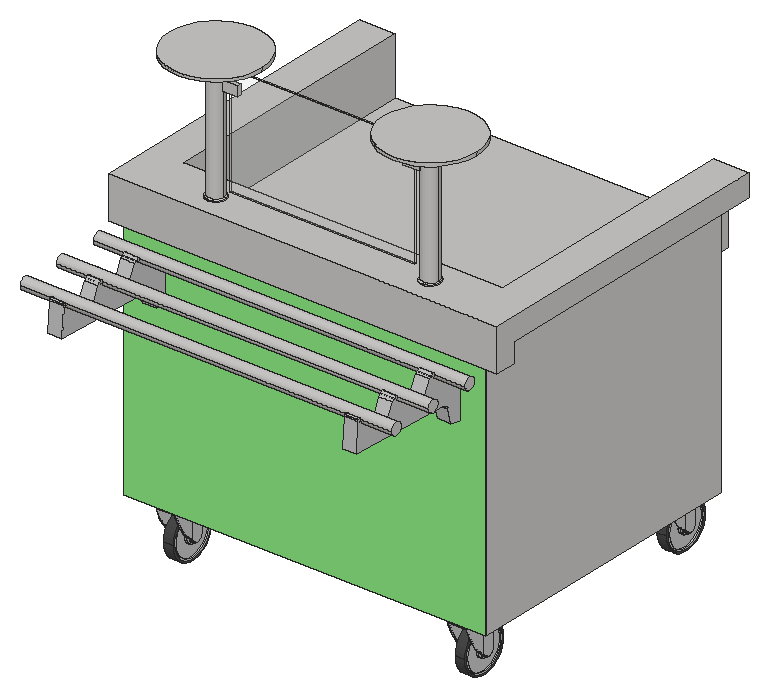
Revit family "QF_BOURGEAT_Self_GN2_Meuble_neutre_dessus_decaisse", category Equipement spécialisé, Revit 2015
Parameters (values of type "GN2_+_roues_+_etageres_+_pare_haleine")
  lg_pare_haleine = 560 mm
  URL catalogue = "http://www.bourgeat.fr/fr/"
  URL = ""
  Type article = ""
  Spécification du Fabricant = "Meuble_dessus_decaisse_OASIS"
  Roues = yes
  Profondeur hors tout = 820 mm
  Poids net à vide = 135.00 kg
  Pieds = no
  lgmeuble = Longueur hors tout - 68 mm  # 946 mm
  lgconsole = Longueur hors tout - 44 mm  # 970 mm
  lg_etagere = lgmeuble - 404 mm  # 542 mm
  Pare_haleine = yes
  Nature_isolant = "Laine de verre"
  Modèle = "854122+854950+854962+854972"
  Longueur hors tout = 1014 mm
  Hauteur hors tout = 1310 mm
  Fabricant = "BOURGEAT"
  Etageres = yes
  Contact_SAV = "0033 (0)4.76.32.14.44"
  Charge max = 150.00 kg
  Certification = "NF alimentaire"
Types (7, lengths in mm): name | Roues | Pieds | Pare_haleine | Modèle | Hauteur hors tout | Etageres
  GN2_+_pied | no | yes | no | "854122" | 900 | no
  GN2_+_roues | yes | no | no | "854122+854950" | 900 | no
  GN2_+_pare_haleine | no | yes | yes | "854122+854972" | 1310 | no
  GN2_+_etageres | no | yes | no | "854122+854962" | 900 | yes
  GN2_+_etageres_+_pare_haleine | no | yes | yes | "854122+854962+854972" | 1310 | yes
  GN2_+_roues_+_etageres | yes | no | no | "854122+854950+854962" | 900 | yes
  GN2_+_roues_+_etageres_+_pare_haleine | yes | no | yes | "854122+854950+854962+854972" | 1310 | yes
Reference planes
  plane 1 "Centre (avant/arrière)": y = 0
  plane 2: z = 0
  plane 3 "Centre (gauche/droite)": x = 0
  plane 4: z = 235
  plane 5: z = 465
  plane 6: z = 284
  plane 7: z = 640
  plane 8: y = 812
  plane 9: y = 58
  plane 10: y = 590
  plane 11: x = -877.5
Forms (mm)
  Extrusion 1, solid
    sketch origin (-964.434, 20.176, 0) x (1, 0, 0) y (0, 1, 0)
      loop
        circle (86.934, 569.824) r 10
    from 149.89 to 160
Dimensions and locks
  locked: plane 4 to plane 2 at 235
  locked: plane 6 to plane 2 at 284
  locked: plane 7 to plane 2 at 640
  equal spacing: nested 4, plane 9, nested 4, locked at 66 each
  locked: nested 5 to plane 10 at 175
  nested 5 to plane 11 = 65.5 mm
  aligned and locked: level to plane 2
  aligned and locked: plane 7 to nested 1
  aligned and locked: plane 4 to nested 3
  aligned and locked: nested 2 to plane 5
  aligned and locked: plane 1 "Centre (avant/arrière)" to nested 5
  aligned and locked: nested 4 to plane 8
  aligned and locked: nested 4 to nested 5
  aligned and locked: nested 4 to nested 2
  aligned and locked: nested 4 to nested 3
  aligned and locked: nested 4 to nested 1
  aligned and locked: nested 5 to plane 2
  aligned and locked: nested 6 to nested 4
  aligned and locked: nested 6 to plane 9
  aligned and locked: nested 4 to nested 6
  aligned and locked: nested 1 to nested 5
  aligned and locked: plane 11 to Extrusion 1 sketch curve
  aligned and locked: plane 10 to Extrusion 1 sketch curve
  aligned and locked: plane 7 to nested 7
Automatic sketch dimensions
  radius of Extrusion 1 sketch curve = 10 mm
Nested families
  nested 1: "barre_et_console" at (-471, 0, 465) x (-1, 0, 0) z (0, 0, 1), type "barre_et_console"
  nested 2: "etagere" at (-471, 100.176, 427) x (-1, 0, 0) z (0, 0, 1), visible <- "Etageres", type "etagere"
  nested 3: "etagere" at (-471, 100.176, 197) x (-1, 0, 0) z (0, 0, 1), visible <- "Etageres", type "etagere"
  nested 4: "cuve_2GN" at (-471, 402, 705) x (-1, 0, 0) z (0, 0, 1), type "cuve_2GN"
  nested 5: "corps_meuble_dessus_decaisse" at (1, 0, 160), type "corps_meuble_dessus_decaisse"
  nested 6: "pare_haleine" at (-471, 58, 900), visible <- "Pare_haleine", type "pare_haleine"
  nested 7: "Prise" at (-742, 637, 597) x (0, 1, 0) z (0, 0, 1), type "Prise"
Connectors
  electrical at (-877.5, 590, 149.89)
    settings: on Extrusion 1, index 1, voltage 0 V, apparent load 0 VA, apparent load phase1 0 VA, apparent load phase2 0 VA, apparent load phase3 0 VA, power factor 1, load classification "Autre", number of poles 1, system type 30, power factor state 1, is connector primary yes, connector utility no, sub classification motor no, connector description ""
Definition of nested family "barre_et_console"
  Parameters (values of type "barre_et_console")
    lg_ht = 1014 mm
    lg_barre_console = lg_ht - 44 mm  # 970 mm
  Reference planes
    plane 1 "Centre (avant/arrière)": y = 0
    plane 2: z = 0
    plane 3 "Centre (gauche/droite)": x = 0
    plane 4: x = -485
    plane 5: x = 485
    plane 6: x = -385
    plane 7: x = 385
    plane 8: z = 320.378
    plane 9: z = 175
  Dimensions and locks
    locked: plane 4 to plane 6 at 100
    locked: plane 7 to plane 5 at 100
    equal spacing: plane 4, plane 3 "Centre (gauche/droite)", plane 5
    "lg_barre_console": plane 4 to plane 5
    aligned and locked: level to plane 2
    aligned and locked: nested 1 to plane 1 "Centre (avant/arrière)"
    aligned and locked: plane 6 to nested 1
    aligned and locked: plane 7 to nested 2
    aligned and locked: plane 5 to nested 3
    aligned and locked: nested 3 to plane 4
    aligned and locked: plane 8 to nested 3
    aligned and locked: plane 9 to nested 1
  Nested families
    nested 1: "console" at (-385, 0, 0) x (0, 1, 0) z (0, 0, 1), type "console"
    nested 2: "console" at (385, 0, 0) x (0, 1, 0) z (0, 0, 1), type "console"
    nested 3: "barre" at (485, 0, 19.415) x (0, 1, 0) z (0, 0, 1), type "barre"
  Definition of nested family "console"
    Reference planes
      plane 1 "Centre (avant/arrière)": y = 0
      plane 2: z = 0
      plane 3 "Centre (gauche/droite)": x = 0
      plane 4: y = 18
      plane 5: y = -18
      plane 6: y = 0
    Forms (mm)
      Extrusion 1, solid
        sketch origin (-12.245, 0, 175) x (1, 0, 0) y (0, 0, 1)
          loop
            line (12.245, 100) -> (12.245, 0) -> (39.579, 4.82) -> (50.894, 44.279)
            arc (50.894, 44.279) -> (55.986, 52.254) -> (64.592, 56.187) r 16.714
            line (64.592, 56.187) -> (348.499, 69.146) -> (343.309, 143.358)
            arc (343.309, 143.358) -> (342.973, 144.595) -> (342.189, 145.609) r 3.292
            line (342.189, 145.609) -> (337.923, 148.439)
            arc (337.923, 148.439) -> (337.371, 148.545) -> (336.906, 148.229) r 0.731
            arc (336.906, 148.229) -> (320.176, 130.386) -> (309.012, 152.149) r 14.958
            arc (309.012, 152.149) -> (308.597, 152.587) -> (308.001, 152.491) r 0.646
            line (308.001, 152.491) -> (297.265, 144.401) -> (278.874, 108.385)
            arc (278.874, 108.385) -> (262.102, 99.164) -> (245.329, 108.385) r 19.864
            line (245.329, 108.385) -> (229.634, 139.188) -> (217.945, 148.321)
            arc (217.945, 148.321) -> (217.306, 148.53) -> (216.976, 147.944) r 0.53
            arc (216.976, 147.944) -> (200.124, 130.629) -> (188.973, 152.064) r 14.905
            arc (188.973, 152.064) -> (188.691, 152.524) -> (188.154, 152.476) r 0.511
            line (188.154, 152.476) -> (177.098, 144.144) -> (158.855, 108.341)
            arc (158.855, 108.341) -> (142.039, 98.901) -> (125.223, 108.341) r 19.698
            line (125.223, 108.341) -> (109.334, 139.526) -> (97.932, 148.434)
            arc (97.932, 148.434) -> (97.187, 148.438) -> (96.994, 147.718) r 0.61
            arc (96.994, 147.718) -> (79.923, 130.663) -> (69.024, 152.192) r 14.902
            arc (69.024, 152.192) -> (68.66, 152.548) -> (68.158, 152.464) r 0.563
            line (68.158, 152.464) -> (57.103, 144.336) -> (39.164, 108.745)
            arc (39.164, 108.745) -> (33.443, 102.448) -> (25.295, 100) r 15.908
            line (25.295, 100) -> (12.245, 100)
        from -18 to 18
    Dimensions and locks
      plane 4 to plane 5 = 36 mm
      equal spacing: plane 4, plane 6, plane 5, locked at 18 each
      aligned and locked: level to plane 2
      aligned and locked: plane 4 to Extrusion 1
      aligned and locked: Extrusion 1 to plane 5
      aligned and locked: plane 6 to plane 1 "Centre (avant/arrière)"
      aligned and locked: Extrusion 1 to plane 3 "Centre (gauche/droite)"
    Automatic sketch dimensions
      Extrusion 1 sketch curve to Extrusion 1 sketch curve = 12.714 mm
      Extrusion 1 sketch curve to Extrusion 1 sketch curve = 13.05 mm
      Extrusion 1 sketch curve to Extrusion 1 sketch curve = 14.206 mm
      Extrusion 1 sketch curve to Extrusion 1 sketch curve = 27.334 mm
      Extrusion 1 sketch curve to Extrusion 1 sketch curve = 11.315 mm
      Extrusion 1 sketch curve to Extrusion 1 sketch curve = 17.938 mm
      Extrusion 1 sketch curve to Extrusion 1 sketch curve = 13.698 mm
      Extrusion 1 sketch curve to Extrusion 1 sketch curve = 16.057 mm
      Extrusion 1 sketch curve to Extrusion 1 sketch curve = 11.055 mm
      Extrusion 1 sketch curve to Extrusion 1 sketch curve = 0.333 mm
      Extrusion 1 sketch curve to Extrusion 1 sketch curve = 13.785 mm
      Extrusion 1 sketch curve to Extrusion 1 sketch curve = 15.28 mm
      Extrusion 1 sketch curve to Extrusion 1 sketch curve = 0.376 mm
      Extrusion 1 sketch curve to Extrusion 1 sketch curve = 11.401 mm
      Extrusion 1 sketch curve to Extrusion 1 sketch curve = 15.89 mm
      Extrusion 1 sketch curve to Extrusion 1 sketch curve = 16.816 mm  (x2)
      Extrusion 1 sketch curve to Extrusion 1 sketch curve = 18.243 mm
      Extrusion 1 sketch curve to Extrusion 1 sketch curve = 11.057 mm
      Extrusion 1 sketch curve to Extrusion 1 sketch curve = 0.308 mm
      Extrusion 1 sketch curve to Extrusion 1 sketch curve = 13.831 mm
      Extrusion 1 sketch curve to Extrusion 1 sketch curve = 15.204 mm
      Extrusion 1 sketch curve to Extrusion 1 sketch curve = 0.447 mm
      Extrusion 1 sketch curve to Extrusion 1 sketch curve = 11.69 mm
      Extrusion 1 sketch curve to Extrusion 1 sketch curve = 15.695 mm
      Extrusion 1 sketch curve to Extrusion 1 sketch curve = 16.772 mm  (x2)
      Extrusion 1 sketch curve to Extrusion 1 sketch curve = 18.391 mm
      Extrusion 1 sketch curve to Extrusion 1 sketch curve = 10.737 mm
      Extrusion 1 sketch curve to Extrusion 1 sketch curve = 0.389 mm
      Extrusion 1 sketch curve to Extrusion 1 sketch curve = 13.868 mm
      Extrusion 1 sketch curve to Extrusion 1 sketch curve = 15.261 mm
      Extrusion 1 sketch curve to Extrusion 1 sketch curve = 0.404 mm
      Extrusion 1 sketch curve to Extrusion 1 sketch curve = 2.506 mm
      Extrusion 1 sketch curve to Extrusion 1 sketch curve = 2.164 mm
      Extrusion 1 sketch curve to Extrusion 1 sketch curve = 1.12 mm
      Extrusion 1 sketch curve to Extrusion 1 sketch curve = 5.189 mm
      Extrusion 1 sketch curve to Extrusion 1 sketch curve = 4.639 mm
      Extrusion 1 sketch curve to Extrusion 1 sketch curve = 55.721 mm
      Extrusion 1 sketch curve to Extrusion 1 sketch curve = 8.745 mm
      Extrusion 1 sketch curve to Extrusion 1 sketch curve = 10.259 mm
      Extrusion 1 sketch curve to Extrusion 1 sketch curve = 10.642 mm
      Extrusion 1 sketch curve to Extrusion 1 sketch curve = 9.133 mm
      Extrusion 1 sketch curve to Extrusion 1 sketch curve = 31.185 mm
      Extrusion 1 sketch curve to Extrusion 1 sketch curve = 35.803 mm
      Extrusion 1 sketch curve to Extrusion 1 sketch curve = 35.592 mm
      Extrusion 1 sketch curve to Extrusion 1 sketch curve = 3.24 mm
      Extrusion 1 sketch curve to Extrusion 1 sketch curve = 2.946 mm
      Extrusion 1 sketch curve to Extrusion 1 sketch curve = 1.042 mm
      Extrusion 1 sketch curve to Extrusion 1 sketch curve = 0.609 mm
      Extrusion 1 sketch curve to Extrusion 1 sketch curve = 8.427 mm
      Extrusion 1 sketch curve to Extrusion 1 sketch curve = 0.286 mm
      Extrusion 1 sketch curve to Extrusion 1 sketch curve = 0.481 mm
      Extrusion 1 sketch curve to Extrusion 1 sketch curve = 0.516 mm
      Extrusion 1 sketch curve to Extrusion 1 sketch curve = 7.674 mm
      Extrusion 1 sketch curve to Extrusion 1 sketch curve = 7.924 mm
      Extrusion 1 sketch curve to Extrusion 1 sketch curve = 0.453 mm
      Extrusion 1 sketch curve to Extrusion 1 sketch curve = 0.408 mm
      Extrusion 1 sketch curve to Extrusion 1 sketch curve = 0.533 mm
      Extrusion 1 sketch curve to Extrusion 1 sketch curve = 0.511 mm
      Extrusion 1 sketch curve to Extrusion 1 sketch curve = 0.622 mm
      Extrusion 1 sketch curve to Extrusion 1 sketch curve = 4.82 mm
      Extrusion 1 sketch curve to Extrusion 1 sketch curve = 34.82 mm
      Extrusion 1 sketch curve to Extrusion 1 sketch curve = 76.232 mm
      Extrusion 1 sketch curve to Extrusion 1 sketch curve = 37.038 mm
      Extrusion 1 sketch curve to Extrusion 1 sketch curve = 39.239 mm
      Extrusion 1 sketch curve to Extrusion 1 sketch curve = 30.803 mm
      Extrusion 1 sketch curve to Extrusion 1 sketch curve = 34.743 mm
      Extrusion 1 sketch curve to Extrusion 1 sketch curve = 0.23 mm
      Extrusion 1 sketch curve to Extrusion 1 sketch curve = 36.015 mm
      Extrusion 1 sketch curve to Extrusion 1 sketch curve = 2.071 mm
      Extrusion 1 sketch curve to Extrusion 1 sketch curve = 7.575 mm
      Extrusion 1 sketch curve to plane 3 "Centre (gauche/droite)" = 0 mm
      level to Extrusion 1 sketch curve = 175 mm
  Definition of nested family "barre"
    Parameters (values of type "barre")
      lg_barre = 970 mm
    Reference planes
      plane 1 "Centre (avant/arrière)": y = 0
      plane 2: z = 0
      plane 3 "Centre (gauche/droite)": x = 0
      plane 4: x = 70
      plane 5: x = 190
      plane 6: x = 309
      plane 7: z = 300.963
      plane 8: z = 94.658
      plane 9: y = 0
      plane 10: y = 970
    Forms (mm)
      Extrusion 1, solid
        sketch origin (0, 0, 0) x (1, 0, 0) y (0, 0, 1)
          loop
            circle (70, 300.963) r 15
          loop
            circle (190, 300.963) r 15
          loop
            circle (309, 300.963) r 15
        from 0 to -970
    Dimensions and locks
      plane 4 to plane 3 "Centre (gauche/droite)" = 70 mm
      plane 6 to plane 5 to plane 4 = 119 mm, 120 mm
      "lg_barre": plane 10 to plane 1 "Centre (avant/arrière)"
      aligned and locked: level to plane 2
      aligned and locked: Extrusion 1 to plane 9
      aligned and locked: plane 9 to plane 1 "Centre (avant/arrière)"
      aligned and locked: plane 10 to Extrusion 1
    Automatic sketch dimensions
      Extrusion 1 sketch curve to plane 4 = 0 mm
      Extrusion 1 sketch curve to plane 5 = 0 mm
      Extrusion 1 sketch curve to plane 6 = 0 mm
      Extrusion 1 sketch curve to plane 7 = 0 mm  (x3)
      radius of Extrusion 1 sketch curve = 15 mm  (x3)
Definition of nested family "etagere"
  Parameters (values of type "etagere")
    lg_etagere = 542 mm
  Reference planes
    plane 1 "Centre (avant/arrière)": y = 0
    plane 2: z = 0
    plane 3 "Centre (gauche/droite)": x = 0
    plane 4: y = -625
    plane 5: y = -623
    plane 6: y = -2
    plane 7: x = 0
  Forms (mm)
    Extrusion 1, solid
      sketch origin (0, 0, 0) x (0, 1, 0) y (0, 0, 1)
        loop
          line (0, 119.481) -> (-2, 119.481) -> (-2, 40) -> (-625, 40) -> (-625, 0) -> (-623, 0) -> (-623, 38) -> (0, 38) -> (0, 119.481)
      from -271 to 271
  Dimensions and locks
    locked: plane 6 to plane 1 "Centre (avant/arrière)" at 2
    locked: plane 4 to plane 5 at 2
    plane 4 to plane 1 "Centre (avant/arrière)" = 625 mm
    equal spacing: Extrusion 1, plane 7, Extrusion 1
    "lg_etagere": Extrusion 1 to Extrusion 1
    aligned and locked: level to plane 2
    aligned and locked: plane 2 to Extrusion 1 sketch curve
    aligned and locked: plane 1 "Centre (avant/arrière)" to Extrusion 1 sketch curve
    aligned and locked: plane 4 to Extrusion 1
    aligned and locked: plane 5 to Extrusion 1
    aligned and locked: Extrusion 1 to plane 6
    aligned and locked: plane 3 "Centre (gauche/droite)" to plane 7
  Automatic sketch dimensions
    Extrusion 1 sketch curve to plane 4 = 0 mm
    Extrusion 1 sketch curve to plane 5 = 0 mm
    Extrusion 1 sketch curve to plane 6 = 0 mm
    level to Extrusion 1 sketch curve = 38 mm
    Extrusion 1 sketch curve to Extrusion 1 sketch curve = 2 mm
    Extrusion 1 sketch curve to Extrusion 1 sketch curve = 79.481 mm
Definition of nested family "cuve_2GN"
  Parameters (values of type "cuve_2GN")
    longueur_cuve = 1014 mm
  Reference planes
    plane 1 "Centre (avant/arrière)": y = 0
    plane 2: z = 0
    plane 3 "Centre (gauche/droite)": x = 0
    plane 4: x = 507
    plane 5: x = -507
    plane 6: y = 410
    plane 7: y = -410
    plane 8: x = -417
    plane 9: x = 417
    plane 10: y = 278
    plane 11: z = 195
    plane 12: x = -453
    plane 13: x = 453
    plane 14: z = 135
    plane 15: y = 356
    plane 16: z = 85
  Forms (mm)
    Extrusion 1, solid
      sketch origin (0, 0, 0) x (1, 0, 0) y (0, 1, 0)
        loop
          line (-507, 410) -> (-507, -410) -> (-417, -410) -> (-417, 278) -> (417, 278) -> (417, -410) -> (507, -410) -> (507, 410) -> (-507, 410)
      from 0 to 195
    Extrusion 2, solid
      sketch origin (0, 0, 0) x (1, 0, 0) y (0, 0, 1)
        loop
          line (-417, 0) -> (417, 0) -> (417, 45.074) -> (-417, 45.074) -> (-417, 0)
      from -278 to 410
    Extrusion 3, void
      sketch origin (0, 0, 0) x (1, 0, 0) y (0, 0, 1)
        loop
          line (-947.131, 135) -> (-947.131, -78.924) -> (-453, -78.924) -> (-453, 135) -> (-947.131, 135)
        loop
          line (978.713, 135) -> (453, 135) -> (453, -387.537) -> (978.713, -387.537) -> (978.713, 135)
      from -356 to 637.488
    Extrusion 4, void
      sketch origin (0, 0, 0) x (0, 1, 0) y (0, 0, 1)
        loop
          line (356, 85) -> (356, 0) -> (410, 0) -> (410, 85) -> (356, 85)
      from -507 to 507
  Cuts and joins
    Extrusion 3, Extrusion 4 cuts Extrusion 1
  Dimensions and locks
    equal spacing: plane 5, plane 3 "Centre (gauche/droite)", plane 4
    "longueur_cuve": plane 5 to plane 4
    plane 6 to plane 7 = 820 mm
    equal spacing: plane 6, plane 1 "Centre (avant/arrière)", plane 7
    locked: plane 5 to plane 8 at 90
    locked: plane 9 to plane 4 at 90
    locked: plane 6 to plane 10 at 132
    locked: plane 5 to plane 12 at 54
    locked: plane 4 to plane 13 at 54
    aligned and locked: level to plane 2
    aligned and locked: Extrusion 1 sketch curve to plane 6
    aligned and locked: Extrusion 1 sketch curve to plane 5
    aligned and locked: Extrusion 1 sketch curve to plane 4
    aligned and locked: plane 7 to Extrusion 1 sketch curve  (x2)
    aligned and locked: plane 8 to Extrusion 1 sketch curve
    aligned and locked: Extrusion 1 sketch curve to plane 10
    aligned and locked: plane 9 to Extrusion 1 sketch curve
    aligned and locked: plane 11 to Extrusion 1
    aligned and locked: Extrusion 2 to Extrusion 1  (x2)
    aligned and locked: Extrusion 3 sketch curve to plane 14  (x2)
    aligned and locked: Extrusion 3 sketch curve to plane 12
    aligned and locked: Extrusion 3 sketch curve to plane 13
    aligned and locked: plane 15 to Extrusion 3
    aligned and locked: plane 16 to Extrusion 4 sketch curve
    aligned and locked: plane 15 to Extrusion 4 sketch curve
    aligned and locked: Extrusion 4 sketch curve to cut or joined group of Extrusion 1, Extrusion 3, Extrusion 4  (x2)
    aligned and locked: Extrusion 1 to Extrusion 4
    aligned and locked: Extrusion 4 to Extrusion 1
  Automatic sketch dimensions
    Extrusion 2 sketch curve to plane 8 = 0 mm
    plane 9 to Extrusion 2 sketch curve = 0 mm
    Extrusion 2 sketch curve to level = 0 mm
    level to Extrusion 2 sketch curve = 45.074 mm
    plane 5 to Extrusion 3 sketch curve = 440.131 mm
    plane 4 to Extrusion 3 sketch curve = 471.713 mm
    Extrusion 3 sketch curve to level = 387.537 mm
    Extrusion 3 sketch curve to level = 78.924 mm
Definition of nested family "corps_meuble_dessus_decaisse"
  Parameters (values of type "corps_meuble_dessus_decaisse")
    roues = yes
    pieds = no
    lg_meuble = lg_ht - 70 mm  # 944 mm
    lg_ht = 1014 mm
  Reference planes
    plane 1 "Centre (avant/arrière)": y = 0
    plane 2: z = 0
    plane 3 "Centre (gauche/droite)": x = 0
    plane 4: x = -480.227
    plane 5: z = 680
    plane 6: x = -472
    plane 7: x = -379.227
    plane 8: x = -944
    plane 9: x = -926
    plane 10: x = -202
    plane 11: x = -18
    plane 12: x = -742
    plane 13: x = -854
    plane 14: x = -90
    plane 15: z = 519
    plane 16: x = -851
    plane 17: x = -93
    plane 18: y = 53
    plane 19: y = 712
    plane 20: y = 402
    plane 21: z = 570
    plane 22: y = -1
  Forms (mm)
    Extrusion 1, solid
      sketch origin (-379.227, -50.814, 0) x (1, 0, 0) y (0, 1, 0)
        loop
          line (-564.773, 815.814) -> (-564.773, 50.814) -> (379.227, 50.814) -> (379.227, 815.814) -> (177.227, 815.814) -> (177.227, 130.814) -> (-362.773, 130.814) -> (-362.773, 815.814) -> (-564.773, 815.814)
      from 0 to 680
    Extrusion 2, void
      sketch origin (-379.227, 0, 0) x (1, 0, 0) y (0, 1, 0)
        loop
          line (-546.773, 870) -> (-546.773, 80) -> (361.227, 80) -> (361.227, 870) -> (-546.773, 870)
      from 570 to 680
    Extrusion 3, solid
      sketch origin (0, 0, 0) x (1, 0, 0) y (0, 0, 1)
        loop
          line (-944, 680) -> (-944, 0) -> (0, 0) -> (0, 680) -> (-944, 680)
      from 0 to 1
  Cuts and joins
    Extrusion 2 cuts Extrusion 1
  Dimensions and locks
    locked: plane 5 to plane 2 at 680
    plane 8 to plane 9 = 18 mm
    locked: plane 10 to plane 3 "Centre (gauche/droite)" at 202
    locked: plane 11 to plane 3 "Centre (gauche/droite)" at 18
    equal spacing: plane 8, plane 6, plane 3 "Centre (gauche/droite)"
    "lg_meuble": plane 8 to plane 3 "Centre (gauche/droite)"
    locked: plane 8 to plane 12 at 202
    locked: plane 8 to plane 13 at 90
    locked: plane 14 to plane 3 "Centre (gauche/droite)" at 90
    locked: plane 15 to plane 2 at 519
    locked: plane 8 to plane 16 at 93
    locked: plane 17 to plane 3 "Centre (gauche/droite)" at 93
    locked: cut or joined group of Extrusion 1, Extrusion 2 to plane 20 at 363
    plane 5 to plane 21 = 110 mm
    aligned and locked: level to plane 2
    aligned and locked: plane 5 to Extrusion 1
    aligned and locked: cut or joined group of Extrusion 1, Extrusion 2 to plane 8
    aligned and locked: Extrusion 2 to plane 9
    aligned and locked: Extrusion 1 to plane 10
    aligned and locked: plane 11 to cut or joined group of Extrusion 1, Extrusion 2
    aligned and locked: plane 12 to cut or joined group of Extrusion 1, Extrusion 2
    aligned and locked: plane 13 to nested 1
    aligned and locked: plane 19 to nested 1
    aligned and locked: nested 2 to plane 18
    aligned and locked: plane 13 to nested 2
    aligned and locked: nested 3 to plane 18
    aligned and locked: plane 17 to nested 3
    aligned and locked: plane 19 to nested 4
    aligned and locked: plane 17 to nested 4
    aligned and locked: plane 17 to nested 7
    aligned and locked: plane 19 to nested 7
    aligned and locked: nested 8 to plane 18
    aligned and locked: plane 17 to nested 8
    aligned and locked: nested 6 to plane 18
    aligned and locked: plane 13 to nested 6
    aligned and locked: plane 13 to nested 5
    aligned and locked: plane 19 to nested 5
    aligned and locked: nested 2 to plane 2
    aligned and locked: nested 1 to plane 2
    aligned and locked: nested 5 to plane 2
    aligned and locked: nested 8 to plane 2
    aligned and locked: nested 7 to plane 2
    aligned and locked: nested 3 to plane 2
    aligned and locked: nested 4 to plane 2
    aligned and locked: cut or joined group of Extrusion 1, Extrusion 2 to plane 21
    aligned and locked: Extrusion 2 to Extrusion 1
    aligned and locked: Extrusion 3 sketch curve to cut or joined group of Extrusion 1, Extrusion 2  (x4)
    aligned and locked: Extrusion 3 to plane 22
  Automatic sketch dimensions
    Extrusion 1 sketch curve to plane 8 = 0 mm
    Extrusion 1 sketch curve to plane 10 = 0 mm
    plane 1 "Centre (avant/arrière)" to Extrusion 1 sketch curve = 0 mm
    Extrusion 1 sketch curve to plane 3 "Centre (gauche/droite)" = 0 mm
    Extrusion 1 sketch curve to plane 1 "Centre (avant/arrière)" = 80 mm
    Extrusion 1 sketch curve to plane 6 = 270 mm
    Extrusion 1 sketch curve to Extrusion 1 sketch curve = 685 mm
    Extrusion 1 sketch curve to Extrusion 1 sketch curve = 765 mm
    Extrusion 2 sketch curve to plane 9 = 0 mm
    Extrusion 2 sketch curve to plane 11 = 0 mm
    Extrusion 2 sketch curve to plane 1 "Centre (avant/arrière)" = 80 mm
    Extrusion 2 sketch curve to Extrusion 2 sketch curve = 790 mm
  Nested families
    nested 1: "pied" at (-854, 712, -160), visible <- "pieds", type "pied"
    nested 2: "pied" at (-854, 53, -160), visible <- "pieds", type "pied"
    nested 3: "pied" at (-93, 53, -160), visible <- "pieds", type "pied"
    nested 4: "pied" at (-93, 712, -160), visible <- "pieds", type "pied"
    nested 5: "roue_ht160" at (-854, 712, -160.21), visible <- "roues", type "roue_ht160"
      with Sans frein yes, Avec frein yes
    nested 6: "roue_ht160" at (-854, 53, -160.21), visible <- "roues", type "roue_ht160"
      with Sans frein yes, Avec frein yes
    nested 7: "roue_ht160" at (-93, 712, -160.21), visible <- "roues", type "roue_ht160"
      with Sans frein yes, Avec frein yes
    nested 8: "roue_ht160" at (-93, 53, -160.21), visible <- "roues", type "roue_ht160"
      with Sans frein yes, Avec frein yes
  Definition of nested family "pied"
    Reference planes
      plane 1 "Centre (avant/arrière)": y = 0
      plane 2: z = 0
      plane 3 "Centre (gauche/droite)": x = 0
    Forms (mm)
      Revolve 1, solid
        sketch origin (0, 0, 0) x (1, 0, 0) y (0, 0, 1)
          loop
            line (0, 160) -> (-33, 160) -> (-33, 70) -> (-28, 70) -> (-28, 0) -> (0, 0) -> (0, 160)
          axis (0, 160) -> (0, 0)
        angle from 0 to 360
    Dimensions and locks
      plane 3 "Centre (gauche/droite)" to Revolve 1 sketch curve = 28 mm
      Revolve 1 sketch curve to plane 3 "Centre (gauche/droite)" = 33 mm
      Revolve 1 sketch curve to plane 2 = 70 mm
      Revolve 1 sketch curve to Revolve 1 sketch curve = 90 mm
      aligned and locked: level to plane 2
  Definition of nested family "roue_ht160"
    Parameters (values of type "roue_ht160")
      Sans frein [instance] = yes
      Avec frein [instance] = yes
    Reference planes
      plane 1 "Centre (avant/arrière)": y = 0
      plane 2: z = 0
      plane 3 "Centre (gauche/droite)": x = 0
      plane 4: y = 40.851
      plane 5: z = 62.5
    Forms (mm)
      Extrusion 1, solid
        sketch origin (0, 0, 0) x (0, 1, 0) y (0, 0, 1)
          loop
            circle (40.851, 62.5) r 62.5
          loop
            circle (40.851, 62.5) r 57.5
        from -12.5 to 12.5
      Revolve 2, solid
        sketch origin (0, 0, 0) x (0, 1, 0) y (0, 0, 1)
          loop
            line (0, 160.21) -> (-20.149, 160.21) -> (-20.149, 159.41) -> (-21.6, 159.41)
            arc (-21.6, 159.41) -> (-24.448, 158.65) -> (-26.537, 156.572) r 5.712
            line (-26.537, 156.572) -> (-30.146, 147.743) -> (-26.999, 147.062) -> (-26.999, 146.112)
            arc (-26.999, 146.112) -> (-27.23, 145.314) -> (-27.849, 144.761) r 1.5
            arc (-27.849, 144.761) -> (-29.223, 143.633) -> (-29.923, 142) r 3.75
            line (-29.923, 142) -> (0, 142) -> (0, 160.21)
          axis (0, 160.21) -> (0, 142)
        angle from 0 to 360
      Extrusion 3, solid
        sketch origin (0, 0, 0) x (0, 1, 0) y (0, 0, -1)
          loop
            line (-29.974, -138.241) -> (-29.974, -142) -> (21.747, -142) -> (21.747, -60.336)
            arc (21.747, -60.336) -> (10.272, -70.702) -> (-0.149, -82.127) r 160.057
            arc (-0.149, -82.127) -> (-17.883, -108.684) -> (-29.974, -138.241) r 159.585
        from -24.913 to -23.038
      Extrusion 4, solid
        sketch origin (0, 0, 0) x (0, 1, 0) y (0, 0, 1)
          loop
            line (-29.974, 142) -> (-29.974, 140.869) -> (21.747, 140.869) -> (21.747, 142) -> (-29.974, 142)
        from -23.038 to 23.038
      Extrusion 5, solid
        sketch origin (0, 0, 0) x (0, 1, 0) y (0, 0, 1)
          loop
            circle (40.851, 62.5) r 57.5
          loop
            circle (40.851, 62.5) r 55
        from -12.5 to 12.5
      Extrusion 6, solid
        sketch origin (0, 0, 0) x (0, 1, 0) y (0, 0, 1)
          loop
            circle (40.851, 62.5) r 55
        from -7 to 7
      Extrusion 7, solid
        sketch origin (0, 0, 0) x (0, 1, 0) y (0, 0, 1)
          loop
            circle (40.851, 62.5) r 21
        from 7 to 15
      Extrusion 8, solid
        sketch origin (0, 0, 0) x (0, 1, 0) y (0, 0, -1)
          loop
            circle (40.851, -62.5) r 16
        from -23.038 to -15
      Extrusion 9, solid, visible <- "Sans frein"
        sketch origin (0, 0, 0) x (0, 1, 0) y (0, 0, 1)
          loop
            arc (21.747, 60.336) -> (23.188, 59.17) -> (24.642, 58.02) r 161.23
            arc (24.642, 58.02) -> (29.34, 54.513) -> (34.187, 51.216) r 133.333
            arc (34.187, 51.216) -> (46.517, 50.3) -> (53.927, 60.198) r 12.867
            arc (53.927, 60.198) -> (54.714, 99.183) -> (46.119, 137.216) r 161.222
            arc (46.119, 137.216) -> (45.679, 138.887) -> (45.531, 140.609) r 10.076
            line (45.531, 140.609) -> (45.531, 142) -> (21.747, 142) -> (21.747, 60.336)
        from 23.038 to 24.913
      Extrusion 10, solid, visible <- "Sans frein"
        sketch origin (0, 0, 0) x (0, 1, 0) y (0, 0, 1)
          loop
            line (21.747, 142) -> (21.747, 140.701) -> (48.851, 140.701) -> (48.851, 142) -> (21.747, 142)
        from -23.038 to 23.038
      Extrusion 11, solid, visible <- "Avec frein"
        sketch origin (0, 0, 0) x (0, 1, 0) y (0, 0, 1)
          loop
            line (21.747, 142) -> (21.747, 60.336)
            arc (21.747, 60.336) -> (23.177, 59.179) -> (24.62, 58.038) r 160.008
            arc (24.62, 58.038) -> (29.041, 54.705) -> (33.574, 51.527) r 160
            arc (33.574, 51.527) -> (46.135, 50.422) -> (53.724, 60.491) r 13
            arc (53.724, 60.491) -> (55.279, 82.092) -> (53.902, 103.704) r 160
            arc (53.902, 103.704) -> (55.53, 108.653) -> (60.415, 110.463) r 6
            arc (60.415, 110.463) -> (80.625, 109.924) -> (100.725, 112.107) r 150
            arc (100.725, 112.107) -> (104.408, 113.406) -> (107.479, 115.819) r 12
            line (107.479, 115.819) -> (110.851, 121.523)
            arc (110.851, 121.523) -> (85.913, 134.651) -> (58.706, 142) r 127.902
            line (58.706, 142) -> (21.747, 142)
        from 23.038 to 24.913
      Extrusion 12, solid, visible <- "Avec frein"
        sketch origin (0, 0, 0) x (0, 1, 0) y (0, 0, 1)
          loop
            line (58.706, 142) -> (21.747, 142) -> (21.747, 140) -> (58.552, 140)
            arc (58.552, 140) -> (85.253, 132.762) -> (109.73, 119.866) r 125.902
            line (109.73, 119.866) -> (110.851, 121.523)
            arc (110.851, 121.523) -> (85.913, 134.651) -> (58.706, 142) r 127.902
        from -23.038 to 23.038
      Extrusion 13, solid, visible <- "Avec frein"
        sketch origin (0, 19.896, 18.175) x (0, 1, 0) y (0, 0, 1)
          loop
            line (87.583, 97.644) -> (91.829, 95.227)
            arc (91.829, 95.227) -> (93.8, 95.006) -> (95.312, 96.29) r 2.5
            arc (95.312, 96.29) -> (103.495, 100.002) -> (111.176, 104.666) r 74.999
            line (111.176, 104.666) -> (110.852, 105.929)
            arc (110.852, 105.929) -> (110.04, 107.086) -> (108.666, 107.417) r 2
            arc (108.666, 107.417) -> (101.396, 105.849) -> (94.512, 103.034) r 42.354
            line (94.512, 103.034) -> (93.479, 101.228) -> (93.285, 100.414) -> (91.69, 101.675) -> (90.401, 102.412) -> (87.583, 97.644)
        from -23.038 to 23.038
      Extrusion 14, solid, not visible
        sketch origin (0, 0, 0) x (0, 1, 0) y (0, 0, -1)
          loop
            line (-29.974, -138.241) -> (-29.974, -142) -> (21.747, -142) -> (21.747, -60.336)
            arc (21.747, -60.336) -> (10.272, -70.702) -> (-0.149, -82.127) r 160.057
            arc (-0.149, -82.127) -> (-17.883, -108.684) -> (-29.974, -138.241) r 159.585
        from -24.913 to -23.038
      Extrusion 15, solid, not visible
        sketch origin (0, 0, 0) x (0, 1, 0) y (0, 0, 1)
          loop
            circle (40.851, 62.5) r 21
        from 7 to 15
      Extrusion 16, solid, not visible
        sketch origin (0, 0, 0) x (0, 1, 0) y (0, 0, -1)
          loop
            circle (40.851, -62.5) r 16
        from -23.038 to -15
      Extrusion 17, solid, visible <- "Sans frein", not visible
        sketch origin (0, 0, 0) x (0, 1, 0) y (0, 0, 1)
          loop
            arc (21.747, 60.336) -> (23.188, 59.17) -> (24.642, 58.02) r 161.23
            arc (24.642, 58.02) -> (29.34, 54.513) -> (34.187, 51.216) r 133.333
            arc (34.187, 51.216) -> (46.517, 50.3) -> (53.927, 60.198) r 12.867
            arc (53.927, 60.198) -> (54.714, 99.183) -> (46.119, 137.216) r 161.222
            arc (46.119, 137.216) -> (45.679, 138.887) -> (45.531, 140.609) r 10.076
            line (45.531, 140.609) -> (45.531, 142) -> (21.747, 142) -> (21.747, 60.336)
        from 23.038 to 24.913
      Extrusion 18, solid, visible <- "Avec frein", not visible
        sketch origin (0, 0, 0) x (0, 1, 0) y (0, 0, 1)
          loop
            line (21.747, 142) -> (21.747, 60.336)
            arc (21.747, 60.336) -> (23.177, 59.179) -> (24.62, 58.038) r 160.008
            arc (24.62, 58.038) -> (29.041, 54.705) -> (33.574, 51.527) r 160
            arc (33.574, 51.527) -> (46.135, 50.422) -> (53.724, 60.491) r 13
            arc (53.724, 60.491) -> (55.279, 82.092) -> (53.902, 103.704) r 160
            arc (53.902, 103.704) -> (55.53, 108.653) -> (60.415, 110.463) r 6
            arc (60.415, 110.463) -> (80.625, 109.924) -> (100.725, 112.107) r 150
            arc (100.725, 112.107) -> (104.408, 113.406) -> (107.479, 115.819) r 12
            line (107.479, 115.819) -> (110.851, 121.523)
            arc (110.851, 121.523) -> (85.913, 134.651) -> (58.706, 142) r 127.902
            line (58.706, 142) -> (21.747, 142)
        from 23.038 to 24.913
      Extrusion 19, solid
        sketch origin (0, 0, 0) x (0, -1, 0) y (0, 0, -1)
          loop
            arc (29.974, -138.241) -> (17.883, -108.684) -> (0.149, -82.127) r 159.585
            arc (0.149, -82.127) -> (-10.272, -70.702) -> (-21.747, -60.336) r 160.057
            line (-21.747, -60.336) -> (-21.747, -142) -> (29.974, -142) -> (29.974, -138.241)
        from -24.913 to -23.038
      Extrusion 20, solid
        sketch origin (0, 0, 0) x (0, -1, 0) y (0, 0, 1)
          loop
            circle (-40.851, 62.5) r 21
        from 7 to 15
      Extrusion 21, solid
        sketch origin (0, 0, 0) x (0, -1, 0) y (0, 0, -1)
          loop
            circle (-40.851, -62.5) r 16
        from -23.038 to -15
      Extrusion 22, solid, visible <- "Sans frein"
        sketch origin (0, 0, 0) x (0, -1, 0) y (0, 0, 1)
          loop
            line (-21.747, 60.336) -> (-21.747, 142) -> (-45.531, 142) -> (-45.531, 140.609)
            arc (-45.531, 140.609) -> (-45.679, 138.887) -> (-46.119, 137.216) r 10.076
            arc (-46.119, 137.216) -> (-54.714, 99.183) -> (-53.927, 60.198) r 161.222
            arc (-53.927, 60.198) -> (-46.517, 50.3) -> (-34.187, 51.216) r 12.867
            arc (-34.187, 51.216) -> (-29.34, 54.513) -> (-24.642, 58.02) r 133.333
            arc (-24.642, 58.02) -> (-23.188, 59.17) -> (-21.747, 60.336) r 161.23
        from 23.038 to 24.913
      Extrusion 23, solid, visible <- "Avec frein"
        sketch origin (0, 0, 0) x (0, -1, 0) y (0, 0, 1)
          loop
            line (-21.747, 142) -> (-58.706, 142)
            arc (-58.706, 142) -> (-85.913, 134.651) -> (-110.851, 121.523) r 127.902
            line (-110.851, 121.523) -> (-107.479, 115.819)
            arc (-107.479, 115.819) -> (-104.408, 113.406) -> (-100.725, 112.107) r 12
            arc (-100.725, 112.107) -> (-80.625, 109.924) -> (-60.415, 110.463) r 150
            arc (-60.415, 110.463) -> (-55.53, 108.653) -> (-53.902, 103.704) r 6
            arc (-53.902, 103.704) -> (-55.279, 82.092) -> (-53.724, 60.491) r 160
            arc (-53.724, 60.491) -> (-46.135, 50.422) -> (-33.574, 51.527) r 13
            arc (-33.574, 51.527) -> (-29.041, 54.705) -> (-24.62, 58.038) r 160
            arc (-24.62, 58.038) -> (-23.177, 59.179) -> (-21.747, 60.336) r 160.008
            line (-21.747, 60.336) -> (-21.747, 142)
        from 23.038 to 24.913
    Dimensions and locks
      aligned and locked: level to plane 2
Definition of nested family "pare_haleine"
  Parameters (values of type "pare_haleine")
    lg_ht = 560 mm
    lg_entre_axe = 560 mm
  Reference planes
    plane 1 "Centre (avant/arrière)": y = 0
    plane 2: z = 0
    plane 3 "Centre (gauche/droite)": x = 0
    plane 4: x = -280
    plane 5: x = -401
    plane 6: x = 280
    plane 7: x = 401
    plane 8: z = 341.5
    plane 9: z = 333.5
    plane 10: z = 5
    plane 11: x = -255
    plane 12: x = -305
    plane 13: x = 510
    plane 14: x = 255
    plane 15: z = 281
    plane 16: x = -241
    plane 17: x = 241
    plane 18: z = 22
    plane 19: z = 312
    plane 20: y = 3
    plane 21: y = -3
  Forms (mm)
    Extrusion 1, solid
      sketch origin (0, 0, 0) x (1, 0, 0) y (0, 1, 0)
        loop
          circle (-280, 0) r 121
        loop
          circle (280, 0) r 121.15
      from 333.5 to 341.5
    Extrusion 2, solid
      sketch origin (0, 0, 0) x (1, 0, 0) y (0, 1, 0)
        loop
          circle (-280, 0) r 21.2
        loop
          circle (280, 0) r 21.2
      from 5 to 333.5
    Revolve 3, solid
      sketch origin (0, 0, 0) x (1, 0, 0) y (0, 0, 1)
        loop
          line (-305, 0) -> (-280, 0) -> (-280, 5) -> (-301.196, 5) -> (-305, 1.196) -> (-305, 0)
        axis (-280, 5) -> (-280, 0)
      angle from 0 to 360
    Revolve 4, solid
      sketch origin (0, 0, 0) x (1, 0, 0) y (0, 0, 1)
        loop
          line (255, 0) -> (280, 0) -> (280, 5) -> (258.846, 5) -> (255, 1.154) -> (255, 0)
        axis (280, 5) -> (280, 0)
      angle from 0 to 360
    Extrusion 5, solid
      sketch origin (-45.855, 0, 0) x (1, 0, 0) y (0, 1, 0)
        loop
          arc (-213.543, 5) -> (-212.945, 0) -> (-213.543, -5) r 21.2
          line (-213.543, -5) -> (-174.145, -5) -> (-174.145, 5) -> (-213.543, 5)
        loop
          line (305.25, 4.987) -> (265.855, 4.987) -> (265.855, -14.534) -> (310.421, -14.534)
          arc (310.421, -14.534) -> (305.362, -5.429) -> (305.25, 4.987) r 21.2
      from 255.642 to 281
    Extrusion 6, solid
      sketch origin (0, 0, 0) x (1, 0, 0) y (0, 0, 1)
        loop
          line (-241, 312) -> (-241, 22) -> (241, 22) -> (241, 312) -> (-241, 312)
      from -3 to 3
  Dimensions and locks
    locked: plane 5 to plane 4 at 121
    locked: plane 7 to plane 6 at 121
    equal spacing: plane 5, plane 3 "Centre (gauche/droite)", plane 7
    locked: plane 8 to plane 2 at 341.5
    locked: plane 8 to plane 9 at 8
    locked: plane 10 to plane 2 at 5
    plane 12 to plane 4 to plane 11 = 25 mm locked, 25 mm locked
    plane 1 "Centre (avant/arrière)" to Extrusion 5 sketch curve = 5 mm
    Extrusion 5 sketch curve to plane 1 "Centre (avant/arrière)" = 5 mm
    locked: plane 11 to Extrusion 5 at 35
    locked: Extrusion 5 to plane 14 at 35
    locked: plane 8 to plane 15 at 60.5
    plane 15 to Extrusion 5 = 25.358 mm
    equal spacing: plane 17, plane 3 "Centre (gauche/droite)", plane 16
    locked: plane 14 to plane 6 at 25
    locked: plane 16 to plane 4 at 39
    plane 6 to plane 17 = 39 mm
    "lg_entre_axe": plane 6 to plane 4
    diameter of Extrusion 1 sketch curve = 242 mm
    diameter of Extrusion 1 sketch curve = 242.3 mm
    diameter of Extrusion 2 sketch curve = 42.4 mm  (x2)
    aligned and locked: level to plane 2
    aligned and locked: plane 1 "Centre (avant/arrière)" to Extrusion 1 sketch curve  (x2)
    aligned and locked: plane 4 to Extrusion 1 sketch curve
    aligned and locked: plane 6 to Extrusion 1 sketch curve
    aligned and locked: plane 8 to Extrusion 1
    aligned and locked: Extrusion 1 to plane 9
    aligned and locked: plane 1 "Centre (avant/arrière)" to Extrusion 2 sketch curve  (x2)
    aligned and locked: plane 4 to Extrusion 2 sketch curve
    aligned and locked: plane 6 to Extrusion 2 sketch curve
    aligned and locked: plane 9 to Extrusion 2
    aligned and locked: Extrusion 2 to plane 10
    aligned and locked: Revolve 3 sketch curve to plane 4
    aligned and locked: plane 2 to Revolve 4 sketch curve
    aligned and locked: Revolve 4 sketch curve to plane 10
    aligned and locked: Revolve 4 sketch curve to plane 14
    aligned and locked: Revolve 4 sketch curve to plane 6  (x2)
    aligned and locked: plane 15 to Extrusion 5
    aligned and locked: Extrusion 5 sketch curve to Extrusion 2  (x2)
    aligned and locked: Extrusion 6 to plane 19
    aligned and locked: Extrusion 6 to plane 16
    aligned and locked: Extrusion 6 to plane 18
    aligned and locked: Extrusion 6 to plane 17
    aligned and locked: Extrusion 6 to plane 20
    aligned and locked: plane 21 to Extrusion 6
  Automatic sketch dimensions
    plane 12 to Revolve 3 sketch curve = 0 mm
    Revolve 3 sketch curve to plane 4 = 0 mm
    Revolve 3 sketch curve to level = 0 mm
    Revolve 3 sketch curve to plane 10 = 0 mm
    Revolve 3 sketch curve to plane 12 = 3.804 mm
    level to Revolve 3 sketch curve = 1.196 mm
    Revolve 3 sketch curve to Revolve 3 sketch curve = 40 mm
    Revolve 3 sketch curve to plane 9 = 163.5 mm
    Revolve 4 sketch curve to plane 14 = 3.846 mm
    level to Revolve 4 sketch curve = 1.154 mm
    Revolve 4 sketch curve to level = 15.1 mm
    Revolve 4 sketch curve to Revolve 4 sketch curve = 23.703 mm
    plane 11 to Extrusion 5 sketch curve = 35 mm
    plane 1 "Centre (avant/arrière)" to Extrusion 5 sketch curve = 14.534 mm
    Extrusion 5 sketch curve to Extrusion 5 sketch curve = 44.566 mm
    Extrusion 5 sketch curve to Extrusion 5 sketch curve = 5.172 mm
    plane 16 to Extrusion 6 sketch curve = 0 mm
    plane 18 to Extrusion 6 sketch curve = 0 mm
    Extrusion 6 sketch curve to plane 17 = 0 mm
    plane 15 to Extrusion 6 sketch curve = 31 mm
Definition of nested family "Prise"
  Reference planes
    plane 1 "Centre (avant/arrière)": y = 0
    plane 2: z = 0
    plane 3 "Centre (gauche/droite)": x = 0
    plane 4: x = 43
    plane 5: x = -43
    plane 6: z = 43
    plane 7: z = -43
    plane 8: y = -25
  Forms (mm)
    Extrusion 1, solid
      sketch origin (0, 0, 0) x (1, 0, 0) y (0, 0, 1)
        loop
          line (-43, 43) -> (-43, -43) -> (43, -43) -> (43, 43) -> (-43, 43)
      from 0 to 25
  Dimensions and locks
    locked: plane 8 to plane 1 "Centre (avant/arrière)" at 25
    aligned and locked: level to plane 2
    aligned and locked: Extrusion 1 sketch curve to plane 6
    aligned and locked: Extrusion 1 sketch curve to plane 5
    aligned and locked: Extrusion 1 sketch curve to plane 7
    aligned and locked: Extrusion 1 sketch curve to plane 4
    aligned and locked: Extrusion 1 to plane 8
